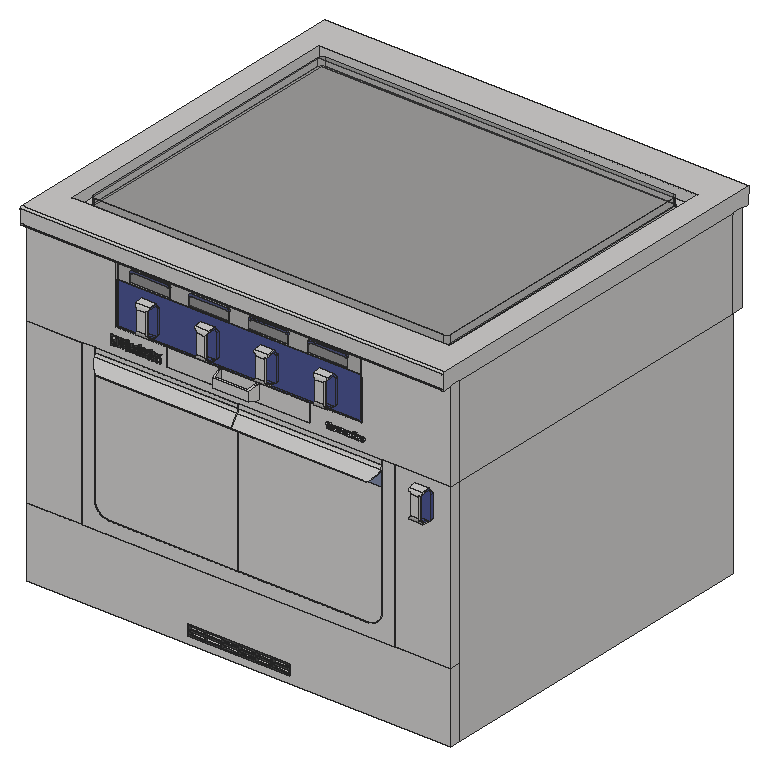
Revit family "QF_ELECTROLUXPROFESSIONAL_589704_MCLQFAJ4AO", category Attrezzature speciali, Revit 2020 (continued)
Definition of nested family "Front_Panel_W1000_Four Knobs"
  Definition of nested family "ELX_Professional_Logo_Small"
    Forms (mm)
      Extrusion 2, solid, material <- "Material_Logo"
        sketch origin (15.5, 0, 0) x (1, 0, 0) y (0, 1, 0)
          loop
            spline (-14.951, -1.609) -> (-15.398, -1.581) -> (-15.823, -1.497) -> (-16.223, -1.362) -> (-16.596, -1.179) -> (-16.937, -0.95) -> (-17.243, -0.678) -> (-17.512, -0.367) -> (-17.739, -0.02) -> (-17.921, 0.36) -> (-18.055, 0.771) -> (-18.138, 1.208) -> (-18.167, 1.669)
          loop
            spline (-4.441, -1.243) -> (-4.659, -1.247) -> (-4.894, -1.23) -> (-5.137, -1.19) -> (-5.384, -1.121) -> (-5.628, -1.021) -> (-5.864, -0.884) -> (-6.084, -0.708) -> (-6.283, -0.488) -> (-6.454, -0.219) -> (-6.592, 0.101) -> (-6.69, 0.478) -> (-6.742, 0.914)
            line (-6.742, 0.914) -> (-6.742, 4.587) -> (-4.487, 4.587) -> (-4.487, 6.838) -> (-6.738, 6.838) -> (-6.738, 10.824) -> (-9.217, 10.824) -> (-9.217, 0.773)
            spline (-9.217, 0.773) -> (-9.164, 0.19) -> (-9.068, -0.358) -> (-8.928, -0.87) -> (-8.742, -1.343) -> (-8.511, -1.777) -> (-8.232, -2.168) -> (-7.904, -2.515) -> (-7.527, -2.816) -> (-7.098, -3.069) -> (-6.618, -3.273) -> (-6.084, -3.426) -> (-5.496, -3.525)
            line (-5.496, -3.525) -> (-4.45, -3.573) -> (-4.441, -1.243)
          loop
            spline (3.898, 6.983) -> (3.469, 7.009) -> (3.056, 7.001) -> (2.661, 6.961) -> (2.283, 6.888) -> (1.925, 6.785) -> (1.588, 6.652) -> (1.272, 6.49) -> (0.979, 6.301) -> (0.71, 6.085) -> (0.465, 5.844) -> (0.247, 5.578) -> (0.056, 5.289)
            line (0.056, 5.289) -> (0.056, 6.838) -> (-2.402, 6.838) -> (-2.402, -3.572) -> (0.056, -3.572) -> (0.056, 1.901)
            spline (0.056, 1.901) -> (0.079, 2.316) -> (0.145, 2.703) -> (0.254, 3.06) -> (0.404, 3.386) -> (0.592, 3.679) -> (0.818, 3.938) -> (1.08, 4.162) -> (1.375, 4.348) -> (1.703, 4.495) -> (2.062, 4.602) -> (2.45, 4.668) -> (2.865, 4.69)
            line (2.865, 4.69) -> (3.898, 4.586) -> (3.898, 6.983)
          loop
            spline (15.638, 1.633) -> (15.586, 2.396) -> (15.435, 3.124) -> (15.192, 3.81) -> (14.863, 4.449) -> (14.455, 5.034) -> (13.975, 5.56) -> (13.43, 6.021) -> (12.826, 6.411) -> (12.17, 6.724) -> (11.469, 6.955) -> (10.729, 7.098) -> (9.958, 7.147)
            spline (9.958, 7.147) -> (9.182, 7.098) -> (8.44, 6.955) -> (7.737, 6.724) -> (7.081, 6.411) -> (6.477, 6.021) -> (5.933, 5.56) -> (5.454, 5.034) -> (5.048, 4.449) -> (4.721, 3.81) -> (4.479, 3.124) -> (4.329, 2.396) -> (4.277, 1.633)
            spline (4.277, 1.633) -> (4.329, 0.869) -> (4.479, 0.141) -> (4.721, -0.544) -> (5.048, -1.183) -> (5.454, -1.768) -> (5.933, -2.294) -> (6.477, -2.755) -> (7.081, -3.145) -> (7.737, -3.459) -> (8.44, -3.69) -> (9.182, -3.833) -> (9.958, -3.882)
            spline (9.958, -3.882) -> (10.729, -3.833) -> (11.469, -3.69) -> (12.17, -3.459) -> (12.826, -3.145) -> (13.43, -2.755) -> (13.975, -2.294) -> (14.455, -1.768) -> (14.863, -1.183) -> (15.192, -0.544) -> (15.435, 0.141) -> (15.586, 0.869) -> (15.638, 1.633)
          loop
            spline (13.18, 1.633) -> (13.151, 2.083) -> (13.067, 2.513) -> (12.932, 2.918) -> (12.748, 3.296) -> (12.52, 3.642) -> (12.251, 3.954) -> (11.943, 4.227) -> (11.601, 4.459) -> (11.228, 4.645) -> (10.828, 4.782) -> (10.403, 4.867) -> (9.958, 4.896)
            spline (9.958, 4.896) -> (9.509, 4.867) -> (9.081, 4.782) -> (8.679, 4.645) -> (8.306, 4.459) -> (7.964, 4.227) -> (7.658, 3.954) -> (7.39, 3.642) -> (7.163, 3.296) -> (6.981, 2.918) -> (6.847, 2.513) -> (6.765, 2.083) -> (6.736, 1.633)
            spline (6.736, 1.633) -> (6.765, 1.182) -> (6.847, 0.753) -> (6.981, 0.347) -> (7.163, -0.031) -> (7.39, -0.377) -> (7.658, -0.689) -> (7.964, -0.962) -> (8.306, -1.193) -> (8.679, -1.38) -> (9.081, -1.517) -> (9.509, -1.602) -> (9.958, -1.631)
            spline (9.958, -1.631) -> (10.403, -1.602) -> (10.828, -1.517) -> (11.228, -1.38) -> (11.601, -1.193) -> (11.943, -0.962) -> (12.251, -0.689) -> (12.52, -0.377) -> (12.748, -0.031) -> (12.932, 0.347) -> (13.067, 0.753) -> (13.151, 1.182) -> (13.18, 1.633)
          loop
            line (17.162, 4.269) -> (17.162, -3.573) -> (19.642, -3.573) -> (19.642, 10.824) -> (17.162, 10.824) -> (17.162, 4.269)
          loop
            line (28.581, 6.838) -> (28.581, 0.786)
            spline (28.581, 0.786) -> (28.561, 0.393) -> (28.503, 0.038) -> (28.409, -0.279) -> (28.281, -0.559) -> (28.122, -0.802) -> (27.933, -1.011) -> (27.717, -1.185) -> (27.476, -1.325) -> (27.213, -1.433) -> (26.929, -1.509) -> (26.626, -1.554) -> (26.308, -1.569)
            spline (26.308, -1.569) -> (25.99, -1.554) -> (25.688, -1.509) -> (25.404, -1.434) -> (25.141, -1.326) -> (24.9, -1.187) -> (24.684, -1.014) -> (24.496, -0.807) -> (24.336, -0.565) -> (24.209, -0.288) -> (24.115, 0.026) -> (24.057, 0.376) -> (24.037, 0.765)
            line (24.037, 0.765) -> (24.037, 6.838) -> (21.537, 6.838) -> (21.537, 0.558)
            spline (21.537, 0.558) -> (21.581, -0.153) -> (21.71, -0.8) -> (21.916, -1.384) -> (22.195, -1.904) -> (22.54, -2.362) -> (22.944, -2.757) -> (23.403, -3.09) -> (23.909, -3.362) -> (24.456, -3.572) -> (25.04, -3.722) -> (25.652, -3.811) -> (26.288, -3.841)
            spline (26.288, -3.841) -> (26.929, -3.811) -> (27.547, -3.72) -> (28.135, -3.568) -> (28.687, -3.355) -> (29.197, -3.079) -> (29.66, -2.741) -> (30.068, -2.341) -> (30.415, -1.877) -> (30.696, -1.349) -> (30.905, -0.757) -> (31.034, -0.101) -> (31.079, 0.621)
            line (31.079, 0.621) -> (31.079, 6.838) -> (28.581, 6.838)
          loop
            line (40.457, -0.243) -> (38.894, 1.942) -> (40.83, 4.579) -> (42.488, 6.837) -> (39.782, 6.837) -> (37.53, 3.719) -> (35.258, 6.837) -> (32.573, 6.837) -> (34.113, 4.731) -> (36.167, 1.922) -> (34.014, -1.076) -> (32.222, -3.573) -> (34.887, -3.573) -> (37.53, 0.104) -> (40.174, -3.573) -> (42.839, -3.573) -> (40.457, -0.243)
          loop
            line (-46.121, -5.837) -> (-48.039, -5.837) -> (-48.039, -10.814) -> (-47.016, -10.814) -> (-47.016, -9.128) -> (-46.121, -9.128)
            arc (-46.121, -9.128) -> (-44.476, -7.482) -> (-46.121, -5.837) r 1.645
          loop
            line (-46.163, -6.778) -> (-47.016, -6.778) -> (-47.016, -8.187) -> (-46.163, -8.187)
            arc (-46.163, -8.187) -> (-45.458, -7.482) -> (-46.163, -6.778) r 0.704
          loop
            line (-38.313, -5.837) -> (-40.265, -5.837) -> (-40.265, -10.814) -> (-39.241, -10.814) -> (-39.241, -9.1) -> (-38.46, -9.182) -> (-37.48, -10.814) -> (-36.318, -10.814) -> (-37.513, -8.848)
            arc (-37.513, -8.848) -> (-36.888, -8.266) -> (-36.671, -7.441) r 1.536
            arc (-36.671, -7.441) -> (-37.165, -6.305) -> (-38.313, -5.837) r 1.643
          loop
            arc (-38.402, -8.166) -> (-37.707, -7.505) -> (-38.334, -6.778) r 0.696
            line (-38.334, -6.778) -> (-39.241, -6.778) -> (-39.241, -8.166) -> (-38.402, -8.166)
          loop
            circle (-29.965, -8.325) r 2.585
          loop
            circle (-29.965, -8.325) r 1.64
          loop
            line (-23.1, -5.837) -> (-23.1, -10.814) -> (-22.076, -10.814) -> (-22.076, -8.768) -> (-20.204, -8.768) -> (-20.204, -7.828) -> (-22.076, -7.828) -> (-22.076, -6.778) -> (-20.024, -6.778) -> (-20.024, -5.837) -> (-23.1, -5.837)
          loop
            line (-15.802, -5.837) -> (-15.802, -9.2)
            arc (-15.802, -9.2) -> (-15.343, -10.34) -> (-14.209, -10.814) r 1.593
            line (-14.209, -10.814) -> (-12.602, -10.814) -> (-12.602, -10.027) -> (-14.004, -10.027)
            arc (-14.004, -10.027) -> (-14.552, -9.8) -> (-14.779, -9.252) r 0.775
            line (-14.779, -9.252) -> (-14.779, -8.424) -> (-12.789, -8.424) -> (-12.789, -7.642) -> (-14.779, -7.642) -> (-14.779, -6.778) -> (-12.651, -6.778) -> (-12.651, -5.837) -> (-15.802, -5.837)
          loop
            line (-5.909, -7.143) -> (-5.173, -6.638)
            arc (-5.173, -6.638) -> (-5.855, -5.974) -> (-6.781, -5.755) r 1.782
            arc (-6.781, -5.755) -> (-7.397, -5.878) -> (-7.944, -6.189) r 1.974
            arc (-7.944, -6.189) -> (-8.202, -6.5) -> (-8.317, -6.888) r 1.013
            arc (-8.317, -6.888) -> (-8.306, -7.341) -> (-8.192, -7.78) r 1.985
            arc (-8.192, -7.78) -> (-7.749, -8.259) -> (-7.171, -8.563) r 1.928
            arc (-7.171, -8.563) -> (-6.637, -8.779) -> (-6.131, -9.056) r 5.041
            arc (-6.131, -9.056) -> (-5.934, -9.387) -> (-6.09, -9.74) r 0.42
            arc (-6.09, -9.74) -> (-6.631, -9.96) -> (-7.204, -9.845) r 1.016
            arc (-7.204, -9.845) -> (-7.625, -9.603) -> (-7.889, -9.196) r 1.033
            line (-7.889, -9.196) -> (-8.67, -9.686)
            arc (-8.67, -9.686) -> (-8.361, -10.198) -> (-7.908, -10.589) r 1.914
            arc (-7.908, -10.589) -> (-7.334, -10.834) -> (-6.714, -10.896) r 2.063
            arc (-6.714, -10.896) -> (-5.947, -10.743) -> (-5.256, -10.376) r 2.696
            arc (-5.256, -10.376) -> (-4.95, -9.565) -> (-5.108, -8.712) r 1.618
            arc (-5.108, -8.712) -> (-5.448, -8.319) -> (-5.884, -8.035) r 1.876
            arc (-5.884, -8.035) -> (-6.434, -7.789) -> (-6.999, -7.577) r 9.883
            arc (-6.999, -7.577) -> (-7.325, -7.07) -> (-6.854, -6.694) r 0.45
            arc (-6.854, -6.694) -> (-6.329, -6.809) -> (-5.909, -7.143) r 1.197
          loop
            line (1.61, -7.143) -> (2.345, -6.638)
            arc (2.345, -6.638) -> (1.663, -5.974) -> (0.737, -5.755) r 1.782
            arc (0.737, -5.755) -> (0.121, -5.878) -> (-0.425, -6.189) r 1.974
            arc (-0.425, -6.189) -> (-0.683, -6.5) -> (-0.799, -6.888) r 1.013
            arc (-0.799, -6.888) -> (-0.788, -7.341) -> (-0.674, -7.78) r 1.985
            arc (-0.674, -7.78) -> (-0.231, -8.259) -> (0.347, -8.563) r 1.928
            arc (0.347, -8.563) -> (0.881, -8.779) -> (1.387, -9.056) r 5.041
            arc (1.387, -9.056) -> (1.584, -9.387) -> (1.428, -9.74) r 0.42
            arc (1.428, -9.74) -> (0.887, -9.96) -> (0.314, -9.845) r 1.016
            arc (0.314, -9.845) -> (-0.107, -9.603) -> (-0.371, -9.196) r 1.033
            line (-0.371, -9.196) -> (-1.152, -9.686)
            arc (-1.152, -9.686) -> (-0.842, -10.198) -> (-0.39, -10.589) r 1.914
            arc (-0.39, -10.589) -> (0.184, -10.834) -> (0.804, -10.896) r 2.063
            arc (0.804, -10.896) -> (1.572, -10.743) -> (2.263, -10.376) r 2.696
            arc (2.263, -10.376) -> (2.568, -9.565) -> (2.411, -8.712) r 1.618
            arc (2.411, -8.712) -> (2.07, -8.319) -> (1.635, -8.035) r 1.876
            arc (1.635, -8.035) -> (1.084, -7.789) -> (0.519, -7.577) r 9.883
            arc (0.519, -7.577) -> (0.193, -7.07) -> (0.665, -6.694) r 0.45
            arc (0.665, -6.694) -> (1.189, -6.809) -> (1.61, -7.143) r 1.197
          loop
            line (6.801, -5.837) -> (6.801, -10.814) -> (7.825, -10.814) -> (7.825, -5.837) -> (6.801, -5.837)
          loop
            circle (14.724, -8.325) r 1.548
          loop
            circle (14.724, -8.325) r 2.585
          loop
            line (21.59, -10.814) -> (22.623, -10.814) -> (22.623, -7.685) -> (24.9, -10.814) -> (25.895, -10.814) -> (25.895, -5.837) -> (24.861, -5.837) -> (24.861, -9.061) -> (22.585, -5.837) -> (21.59, -5.837) -> (21.59, -10.814)
          loop
            line (31.054, -10.814) -> (31.539, -9.74) -> (33.38, -9.74) -> (33.865, -10.814) -> (34.965, -10.814) -> (32.46, -5.837) -> (29.956, -10.814) -> (31.054, -10.814)
          loop
            line (32.46, -7.698) -> (31.999, -8.719) -> (32.921, -8.719) -> (32.46, -7.698)
          loop
            line (40.047, -9.873) -> (40.047, -5.837) -> (39.024, -5.837) -> (39.024, -10.814) -> (41.961, -10.814) -> (41.961, -9.873) -> (40.047, -9.873)
          loop
            line (-74.986, -10.814) -> (-53.322, -10.814) -> (-53.322, 10.82) -> (-74.986, 10.82) -> (-74.986, -10.814)
          loop
            line (-61.261, 9.758) -> (-61.261, -9.707)
            arc (-61.261, -9.707) -> (-54.066, 0.025) -> (-61.261, 9.758) r 10.18
          loop
            line (-62.251, 8.349) -> (-62.251, 9.758)
            arc (-62.251, 9.758) -> (-70.347, 7.918) -> (-74.247, 0.59) r 9.976
            line (-74.247, 0.59) -> (-71.026, 0.59)
            arc (-71.026, 0.59) -> (-65.274, 2.925) -> (-62.251, 8.349) r 9.351
          loop
            arc (-74.247, -0.539) -> (-70.353, -7.928) -> (-62.251, -9.957) r 10.237
            line (-62.251, -9.957) -> (-62.251, -8.298)
            arc (-62.251, -8.298) -> (-65.274, -2.874) -> (-71.026, -0.539) r 9.351
            line (-71.026, -0.539) -> (-74.247, -0.539)
        from 0 to 1.644
    Dimensions and locks
      aligned and locked: plane 2 to Extrusion 1
      aligned and locked: level to Extrusion 1
Definition of nested family "H450H2W1000_2DOOR"
  Parameters
    Width [instance] = 680 mm
    Wdoor [instance] = Width / 2  # 340 mm
    Show Clearance [instance] = yes
    Model = "727995"
    Height = 450 mm
    Default Elevation = 0 mm
  Reference planes
    plane 1 "Center (Front/Back)": y = 0
    plane 2: z = 0
    plane 3 "Center (Left/Right)": x = 36.042
    plane 4 "panel": z = 25
    plane 5: x = -303.958
    plane 6: x = 376.042
    plane 7: y = 450
    plane 8: z = 340
    plane 9: z = 45
  Forms (mm)
    Extrusion 1, solid
      sketch origin (0, -919.2, 0) x (1, 0, 0) y (0, 1, 0)
        loop
          line (-980.5, 2119.2) -> (-980.5, -162.846) -> (881.94, -162.846) -> (881.94, 2119.2) -> (-980.5, 2119.2)
      from 0 to -59.546
    Extrusion 2, solid
      sketch origin (0, 0, 0) x (1, 0, 0) y (0, 1, 0)
        loop
          line (374.042, 393) -> (37.042, 393) -> (37.042, 97) -> (344.042, 97)
          arc (344.042, 97) -> (365.255, 105.787) -> (374.042, 127) r 30
          line (374.042, 127) -> (374.042, 393)
        loop
          arc (-301.958, 127) -> (-293.171, 105.787) -> (-271.958, 97) r 30
          line (-271.958, 97) -> (35.042, 97) -> (35.042, 393) -> (-301.958, 393) -> (-301.958, 127)
      from 0 to 25
    Extrusion 3, solid
      sketch origin (0, 0, 0) x (1, 0, 0) y (0, 1, 0)
        loop
          line (-301.958, 393) -> (35.042, 393) -> (35.042, 440) -> (-301.958, 440) -> (-301.958, 393)
        loop
          line (37.042, 440) -> (37.042, 393) -> (374.042, 393) -> (374.042, 440) -> (37.042, 440)
      from 0 to 25
    Extrusion 4, solid
      sketch origin (5.581, 79.805, 0) x (1, 0, 0) y (0, 1, 0)
        loop
          line (-307.539, 360.195) -> (29.461, 360.195) -> (29.461, 370.195) -> (-307.539, 370.195) -> (-307.539, 360.195)
        loop
          line (31.461, 370.195) -> (31.461, 360.195) -> (368.461, 360.195) -> (368.461, 370.195) -> (31.461, 370.195)
      from 0 to 25
    Extrusion 5, solid
      sketch origin (36.042, 0, 0) x (0, 1, 0) y (0, 0, 1)
        loop
          line (426.693, 25) -> (440.02, 25)
          arc (440.02, 25) -> (435.261, 25.775) -> (430.993, 28.02) r 15
          line (430.993, 28.02) -> (406.653, 46.362) -> (403.644, 42.369) -> (426.693, 25)
      from 1 to 338
    Extrusion 6, solid
      sketch origin (36.042, 0, 0) x (0, 1, 0) y (0, 0, 1)
        loop
          line (426.693, 25) -> (440.02, 25)
          arc (440.02, 25) -> (435.261, 25.775) -> (430.993, 28.02) r 15
          line (430.993, 28.02) -> (406.653, 46.362) -> (403.644, 42.369) -> (426.693, 25)
      from -338 to -1
    Extrusion 7, void
      sketch origin (0, 0, 0) x (1, 0, 0) y (0, 1, 0)
        loop
          arc (374.042, 426.693) -> (364.508, 412.772) -> (350.317, 403.644) r 42.603
          line (350.317, 403.644) -> (374.042, 403.644) -> (374.042, 426.693)
      from 0 to 47.9
    Extrusion 8, void
      sketch origin (72.084, 0, 0) x (-1, 0, 0) y (0, -1, 0)
        loop
          line (374.042, -426.693) -> (374.042, -403.644) -> (350.317, -403.644)
          arc (350.317, -403.644) -> (364.508, -412.772) -> (374.042, -426.693) r 42.603
      from 0 to 47.9
    Extrusion 9, solid, detail levels coarse
      sketch origin (0, 0, 0) x (1, 0, 0) y (0, 0, 1)
        loop
          arc (36.231, 25) -> (-56.085, 247.873) -> (-278.958, 340.189) r 315.189
          line (-278.958, 340.189) -> (-278.958, 25) -> (36.231, 25)
      from -450 to -97
    Extrusion 10, solid, detail levels coarse
      sketch origin (0, 0, 0) x (1, 0, 0) y (0, 0, 1)
        loop
          arc (351.042, 340) -> (128.303, 247.739) -> (36.042, 25) r 315
          line (36.042, 25) -> (351.042, 25) -> (351.042, 340)
      from -450 to -97
  Cuts and joins
    Extrusion 8 cuts Extrusion 6
    Extrusion 7 cuts Extrusion 5
  Lines and regions (mm)
    symbolic lines
      curve 1: line (376.042, 0, 45) -> (376.042, 0, 340)
      curve 2: line (351.042, 0, 45) -> (351.042, 0, 340)
      curve 3: line (376.042, 0, 340) -> (351.042, 0, 340)
      curve 4: line (-303.958, 0, 45) -> (-303.958, 0, 340)
      curve 5: line (-278.958, 0, 45) -> (-278.958, 0, 340)
      curve 6: line (-303.958, 0, 340) -> (-278.958, 0, 340)
      curve 7: arc (351.042, 0, 340) -> (135.522, 0, 254.731) -> (36.683, 0, 45.088) r 315
      curve 8: arc (35.407, 0, 44.997) -> (-63.405, 0, 254.7) -> (-278.958, 0, 340) r 315
  Dimensions and locks
    plane 4 "panel" to level = 25 mm
    "Width": plane 5 to plane 6
    equal spacing: plane 5, plane 3 "Center (Left/Right)", plane 6
    "Height": plane 1 "Center (Front/Back)" to plane 7
    locked: plane 5 to Extrusion 2 sketch curve at 2
    locked: Extrusion 2 sketch curve to plane 6 at 2
    locked: plane 1 "Center (Front/Back)" to Extrusion 2 sketch curve at 97
    locked: plane 7 to Extrusion 2 sketch curve at 57
    locked: Extrusion 2 sketch curve to plane 3 "Center (Left/Right)" at 1
    locked: plane 3 "Center (Left/Right)" to Extrusion 2 sketch curve at 1
    Extrusion 3 sketch curve to Extrusion 2 = 47 mm
    "Wdoor": plane 8 to level
    locked: curve 2 to curve 1 at 25
    locked: curve 5 to curve 4 at 25
    plane 4 "panel" to plane 9 = 20 mm
    aligned and locked: plane 2 to Extrusion 1
    aligned and locked: level to Extrusion 1
    aligned and locked: plane 4 "panel" to Extrusion 2
    aligned and locked: Extrusion 2 to Extrusion 3 sketch curve
    aligned and locked: Extrusion 3 sketch curve to Extrusion 2  (x2)
    aligned and locked: Extrusion 3 sketch curve to Extrusion 3 sketch curve
    aligned and locked: plane 4 "panel" to Extrusion 3
    aligned and locked: Extrusion 4 sketch curve to Extrusion 4 sketch curve
    aligned and locked: Extrusion 4 sketch curve to Extrusion 3  (x3)
    aligned and locked: Extrusion 3 to Extrusion 4 sketch curve
    aligned and locked: Extrusion 4 sketch curve to plane 7
    aligned and locked: Extrusion 3 to Extrusion 5
    aligned and locked: Extrusion 5 to Extrusion 3
    aligned and locked: Extrusion 6 to Extrusion 3
    aligned and locked: Extrusion 3 to Extrusion 6
    aligned and locked: Extrusion 7 sketch curve to Extrusion 5
    aligned and locked: Extrusion 8 to Extrusion 6
    aligned and locked: Extrusion 4 to Extrusion 8
    aligned and locked: Extrusion 2 to Extrusion 7
    aligned and locked: Extrusion 7 to Extrusion 5
    aligned and locked: Extrusion 4 to Extrusion 3  (x2)
    aligned and locked: Extrusion 3 to Extrusion 2
    aligned and locked: Extrusion 4 to Extrusion 2
    aligned and locked: curve 3 to plane 8
    aligned and locked: curve 1 to plane 6
    aligned and locked: curve 4 to plane 5
    aligned and locked: Extrusion 9 sketch curve to plane 4 "panel"
    aligned and locked: Extrusion 10 sketch curve to curve 7
    aligned and locked: Extrusion 10 sketch curve to curve 2
    aligned and locked: Extrusion 2 to Extrusion 9
    aligned and locked: Extrusion 2 to Extrusion 10
    aligned and locked: plane 7 to Extrusion 9
    aligned and locked: Extrusion 3 to Extrusion 4
  Automatic sketch dimensions
    Extrusion 1 sketch curve to Extrusion 1 sketch curve = 1862.44 mm
    Extrusion 1 sketch curve to Extrusion 1 sketch curve = 2282.046 mm
    Extrusion 2 sketch curve to Extrusion 2 sketch curve = 30 mm  (x2)
    Extrusion 2 sketch curve to plane 1 "Center (Front/Back)" = 97 mm
    Extrusion 2 sketch curve to Extrusion 2 sketch curve = 0 mm
    Extrusion 3 sketch curve to plane 3 "Center (Left/Right)" = 1 mm
    plane 5 to Extrusion 3 sketch curve = 2 mm
    Extrusion 3 sketch curve to Extrusion 3 sketch curve = 0 mm
    Extrusion 5 sketch curve to plane 4 "panel" = 0 mm
    plane 4 "panel" to Extrusion 5 sketch curve = 17.369 mm
    Extrusion 5 sketch curve to plane 7 = 46.356 mm
    plane 4 "panel" to Extrusion 5 sketch curve = 21.362 mm
    Extrusion 5 sketch curve to Extrusion 5 sketch curve = 3.009 mm
    plane 4 "panel" to Extrusion 5 sketch curve = 3.02 mm
    Extrusion 5 sketch curve to Extrusion 5 sketch curve = 9.027 mm
    Extrusion 6 sketch curve to plane 4 "panel" = 0 mm
    plane 4 "panel" to Extrusion 6 sketch curve = 17.369 mm
    Extrusion 6 sketch curve to plane 7 = 46.356 mm
    plane 4 "panel" to Extrusion 6 sketch curve = 21.362 mm
    Extrusion 6 sketch curve to Extrusion 6 sketch curve = 3.009 mm
    plane 4 "panel" to Extrusion 6 sketch curve = 3.02 mm
    Extrusion 6 sketch curve to Extrusion 6 sketch curve = 9.027 mm
    Extrusion 7 sketch curve to Extrusion 7 sketch curve = 23.725 mm
    Extrusion 7 sketch curve to plane 7 = 6.671 mm
    Extrusion 7 sketch curve to plane 6 = 41.221 mm
    Extrusion 7 sketch curve to plane 7 = 23.307 mm
    plane 7 to Extrusion 8 sketch curve = 6.671 mm
    Extrusion 8 sketch curve to plane 5 = 41.221 mm
    Extrusion 8 sketch curve to plane 5 = 25.725 mm
    Extrusion 8 sketch curve to plane 5 = 2 mm
    plane 7 to Extrusion 8 sketch curve = 23.307 mm
    Extrusion 4 sketch curve to Extrusion 4 sketch curve = 10 mm
    Extrusion 4 sketch curve to plane 7 = 10 mm
    curve 2 to plane 9 = 0 mm
    curve 5 to plane 9 = 0 mm
    curve 4 to plane 9 = 0 mm
    curve 1 to plane 9 = 0 mm
    curve 8 to plane 4 "panel" = 0 mm
    curve 5 to plane 8 = 0 mm
    curve 8 to plane 9 = 0.003 mm
    curve 7 to plane 4 "panel" = 0 mm
    plane 9 to curve 7 = 0.088 mm
    plane 5 to Extrusion 9 sketch curve = 25 mm
    plane 3 "Center (Left/Right)" to Extrusion 9 sketch curve = 0.189 mm
Definition of nested family "Warm"
  Reference planes
    plane 1 "Center (Front/Back)": y = 0
    plane 2: z = 0
    plane 3 "Center (Left/Right)": x = 0
  Lines and regions (mm)
    detail lines, in view "Ref. Level"
      curve 1: circle (-165.742, 180.331, 0) r 45 normal (0, 0, 1)
      curve 2: line (-165.742, 125.331, 0) -> (-165.742, 80.331, 0)
      curve 3: line (-165.742, 235.331, 0) -> (-165.742, 280.331, 0)
      curve 4: line (-105.742, 180.331, 0) -> (-65.742, 180.331, 0)
      curve 5: line (-220.742, 180.331, 0) -> (-265.742, 180.331, 0)
      curve 6: line (-126.851, 141.44, 0) -> (-95.031, 109.62, 0)
      curve 7: line (-204.632, 219.221, 0) -> (-236.452, 251.041, 0)
      curve 8: line (-126.851, 219.221, 0) -> (-95.031, 251.041, 0)
      curve 9: line (-204.632, 141.44, 0) -> (-236.452, 109.62, 0)
